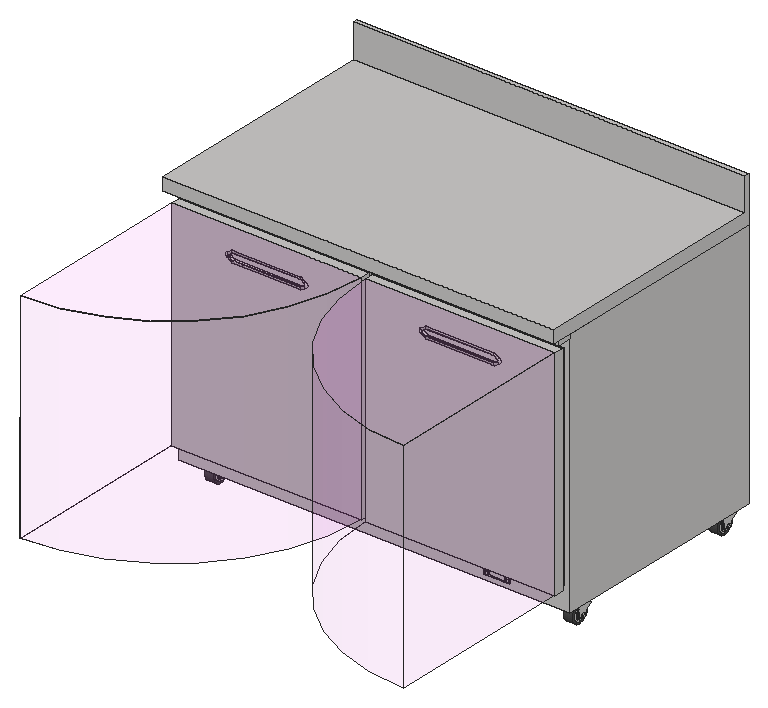
Revit family "QF_Kelvinator_738304_KCHUCWT48F_2-Door_Work_Top_Freezer_48_Long", category Specialty Equipment, Revit 2021
Family settings
  Round Connector Dimension = Use Diameter
  Part Type = Normal
  Work Plane-Based = No
  Always vertical = Yes
  Cut with Voids When Loaded = No
  Shared = No
  Room Calculation Point = No
Parameters
  Weight in Pounds = 224.872
  Watts = 400 W
  Volts = 115 V
  URL Cutsheet = ""
  Specification by User = ""
  Specification by Manufacturer = ""
  Serial Number = ""
  Seismic Rating = ""
  SMACNA No = ""
  Revision Code = ""
  Refrigerant Type = "R290"
  Phase = 1
  Number of Poles = 1
  NAFEM Spec ID Number = ""
  Model = "738304 (KCHUCWT48F)"
  Min Ckt Ampacity = 0 A
  Max Overcurrent Protection = 0 A
  Masterspec = ""
  Manufacturer = "Kelvinator Commercial"
  Length = 48 1/4"
  Item Number = "738304"
  Installed By = ""
  Identify Quantity as Lot = yes
  Height = 39 5/8"
  HP = "1/3"
  Furnished By = ""
  Foodservice Equipment Identifier = yes
  FL Amps = 4 A
  Electrical Remarks = ""
  Electric Connection Type = ""
  Elec Conn RI Height = 0"
  Elec Conn Connection Height = 0"
  Description = "2-Door Work Top Freezer 48\" Long"
  Depth = 29 15/16"
  Default Elevation = 0"
  Cycle = 60 Hz
  Conn Plug = "5-15P"
  Conn Conduit = yes
  CSI MasterFormat = ""
  Apparent Power = 0 VA
Reference planes (in)
  plane 1 "BACK": y = 0
  plane 2: z = 0
  plane 3 "LEFT": x = 0
  plane 4 "RIGHT": x = 48.25
  plane 5 "FRONT": y = -29.9375
  plane 6 "TOP": z = 39.625
  plane 7 "Center Y": x = 24.125
  plane 8 "Center X": y = -14.96875
Dimensions and locks (in)
  equal spacing: plane 3 "LEFT", plane 7 "Center Y", plane 4 "RIGHT"
  "Length": plane 3 "LEFT" to plane 4 "RIGHT"
  equal spacing: plane 5 "FRONT", plane 8 "Center X", plane 1 "BACK"
  "Depth": plane 5 "FRONT" to plane 1 "BACK"
  "Height": plane 6 "TOP" to level
  aligned and locked: level to plane 2
Nested families (in)
  nested 1: "KCHST.0001" at (0, 0, 0), type "KCHST.0001"
    with Show Clearance yes
Connectors (in)
  electrical at (24.125, -0.87772, 2.31881), driven by "Volts", driven by "Watts"
    settings: on nested 1, index 1, voltage 115 V, apparent load 400 VA, apparent load phase1 0 VA, apparent load phase2 0 VA, apparent load phase3 0 VA, power factor 1, load classification "Other", number of poles 1, system type 30, power factor state 1, is connector primary yes, connector utility no, sub classification motor no, connector description ""
Definition of nested family "KCHST.0001"
  Parameters (values of type "KCHST.0001")
    Weight in Pounds = 0
    URL Cutsheet = ""
    Specification by User = ""
    Specification by Manufacturer = ""
    Show Clearance [instance] = yes
    Serial Number = ""
    Seismic Rating = ""
    SMACNA No = ""
    Revision Code = ""
    NAFEM Spec ID Number = ""
    Masterspec = ""
    Length = 48 1/4"
    Item Number = ""
    Installed By = ""
    Identify Quantity as Lot = yes
    Height = 39 5/8"
    Furnished By = ""
    Foodservice Equipment Identifier = yes
    Depth = 29 15/16"
    Default Elevation = 0"
    CSI MasterFormat = ""
  Reference planes (in)
    plane 1 "BACK": y = 0
    plane 2: z = 0
    plane 3 "LEFT": x = 0
    plane 4 "RIGHT": x = 48.25
    plane 5 "FRONT": y = -29.9375
    plane 6 "TOP": z = 39.625
    plane 7 "Center Y": x = 24.125
    plane 8 "Center X": y = -14.96875
    plane 9: z = 3.1
    plane 10: z = 33.9
    plane 11: y = -56
    plane 12: y = -29.2
    plane 13: z = 32.4
    plane 14: z = 5.6
    plane 15: y = -27.5
    plane 16: x = 46.25
    plane 17: x = 2
    plane 18: x = 47.75
    plane 19: x = 0.5
    plane 20: z = 35.5
    plane 21: y = -27.2
    plane 22: x = 23.875
    plane 23: x = 24.375
    plane 24: x = 12.19362
  Forms (in)
    Extrusion 1, solid
      sketch origin (0, 0, 0) x (0, 1, 0) y (0, 0, 1)
        loop
          line (-27.5, 33.9) -> (-27.5, 3.1) -> (0, 3.1) -> (0, 33.9) -> (-27.5, 33.9)
      from 0 to 48.25
    Extrusion 2, solid
      sketch origin (0, 0, 0) x (0, 1, 0) y (0, 0, 1)
        loop
          line (-0.48673, 39.625) -> (-0.48673, 35.5) -> (-29.9375, 35.5) -> (-29.9375, 33.9) -> (0, 33.9) -> (0, 39.625) -> (-0.48673, 39.625)
      from 0 to 48.25
    Extrusion 3, solid
      sketch origin (0, 0, 0) x (0, 1, 0) y (0, 0, 1)
        loop
          line (-29.2, 33.9) -> (-29.2, 33.4) -> (-27.5, 33.4) -> (-27.5, 33.9) -> (-29.2, 33.9)
      from 0 to 48.25
    Extrusion 4, solid
      sketch origin (24.125, 6.90541, 48) x (0, 1, 0) y (0, 0, 1)
        loop
          line (-36.10541, -15.6) -> (-36.10541, -42.4) -> (-34.95211, -42.4) -> (-34.95211, -15.6) -> (-36.10541, -15.6)
      from -0.25 to -23.625
    Extrusion 5, solid
      sketch origin (0, 0, 0) x (0, 1, 0) y (0, 0, 1)
        loop
          line (-28.04671, 32.20449) -> (-28.04671, 5.81322) -> (-27.79671, 5.81322) -> (-27.79671, 32.20449) -> (-28.04671, 32.20449)
      from 0.74536 to 23.64188
    Extrusion 6, solid
      sketch origin (0, 0.25, 0) x (0, 1, 0) y (0, 0, 1)
        loop
          line (-28.04671, 32.20449) -> (-28.04671, 5.81322) -> (-27.864, 5.81322) -> (-27.864, 32.20449) -> (-28.04671, 32.20449)
      from 0.74536 to 23.64188
    Extrusion 7, solid
      sketch origin (0, 0.4327, 0) x (0, 1, 0) y (0, 0, 1)
        loop
          line (-28.04671, 32.20449) -> (-28.04671, 5.81322) -> (-27.9327, 5.81322) -> (-27.9327, 32.20449) -> (-28.04671, 32.20449)
      from 0.74536 to 23.64188
    Extrusion 8, solid
      sketch origin (-4.97957, -27.5, -4.77927) x (-1, 0, 0) y (0, 0, 1)
        loop
          line (-42.67533, 9.70772) -> (-45.82493, 9.70772) -> (-45.82493, 8.52662) -> (-42.67533, 8.52662) -> (-42.67533, 9.70772)
        loop
          line (-42.75407, 9.63107) -> (-43.14777, 9.63107) -> (-43.14777, 9.31193) -> (-42.75407, 9.31193) -> (-42.75407, 9.63107)
        loop
          line (-42.75407, 9.27674) -> (-43.14777, 9.27674) -> (-43.14777, 8.9576) -> (-42.75407, 8.9576) -> (-42.75407, 9.27674)
        loop
          line (-42.75407, 8.92241) -> (-43.14777, 8.92241) -> (-43.14777, 8.60327) -> (-42.75407, 8.60327) -> (-42.75407, 8.92241)
        loop
          line (-45.74619, 9.63107) -> (-45.74619, 9.31193) -> (-45.35249, 9.31193) -> (-45.35249, 9.63107) -> (-45.74619, 9.63107)
        loop
          line (-45.74619, 9.27674) -> (-45.74619, 8.9576) -> (-45.35249, 8.9576) -> (-45.35249, 9.27674) -> (-45.74619, 9.27674)
        loop
          line (-45.74619, 8.92241) -> (-45.74619, 8.60327) -> (-45.35249, 8.60327) -> (-45.35249, 8.92241) -> (-45.74619, 8.92241)
        loop
          line (-43.22525, 9.63107) -> (-45.27501, 9.63107) -> (-45.27501, 8.60716) -> (-43.22525, 8.60716) -> (-43.22525, 9.63107)
      from 0.07874 to -0.04602
    Extrusion 9, solid
      sketch origin (-4.97957, -27.54602, -4.77927) x (1, 0, 0) y (0, 0, 1)
        loop
          line (45.35249, 9.63107) -> (45.35249, 9.31193) -> (45.74619, 9.31193) -> (45.74619, 9.63107) -> (45.35249, 9.63107)
        loop
          line (45.35249, 9.27674) -> (45.35249, 8.9576) -> (45.74619, 8.9576) -> (45.74619, 9.27674) -> (45.35249, 9.27674)
        loop
          line (45.35249, 8.92241) -> (45.35249, 8.60327) -> (45.74619, 8.60327) -> (45.74619, 8.92241) -> (45.35249, 8.92241)
        loop
          line (43.14777, 9.63107) -> (42.75407, 9.63107) -> (42.75407, 9.31193) -> (43.14777, 9.31193) -> (43.14777, 9.63107)
        loop
          line (43.14777, 9.27674) -> (42.75407, 9.27674) -> (42.75407, 8.9576) -> (43.14777, 8.9576) -> (43.14777, 9.27674)
        loop
          line (43.14777, 8.92241) -> (42.75407, 8.92241) -> (42.75407, 8.60327) -> (43.14777, 8.60327) -> (43.14777, 8.92241)
      from 0 to -0.07874
    Extrusion 10, solid
      sketch origin (-4.97957, -27.54602, -4.77927) x (1, 0, 0) y (0, 0, 1)
        loop
          line (43.22525, 9.63107) -> (43.22525, 8.60716) -> (45.27501, 8.60716) -> (45.27501, 9.63107) -> (43.22525, 9.63107)
      from 0 to -0.07874
    Extrusion 11, void
      sketch origin (-4.97957, -27.5, -4.77927) x (-1, 0, 0) y (0, 0, 1)
        loop
          line (-42.67533, 9.70772) -> (-45.82493, 9.70772) -> (-45.82493, 8.52662) -> (-42.67533, 8.52662) -> (-42.67533, 9.70772)
      from 0 to 0.07874
    Extrusion 12, void
      sketch origin (-37.39706, -29.19996, 31.5181) x (0, 0, 1) y (1, 0, 0)
        loop
          line (-1.94791, 45.41568) -> (-1.94791, 53.76568) -> (-2.28604, 54.30668)
          arc (-2.28604, 54.30668) -> (-2.38541, 54.36176) -> (-2.48479, 54.30668) r 0.11719
          line (-2.48479, 54.30668) -> (-2.82291, 53.76568) -> (-2.82291, 45.41568) -> (-2.48621, 44.87696)
          arc (-2.48621, 44.87696) -> (-2.38541, 44.82109) -> (-2.28462, 44.87696) r 0.11887
          line (-2.28462, 44.87696) -> (-1.94791, 45.41568)
      from 0 to 0.31887
    Sweep 13, solid
      path origin (-37.39706, -26.39996, 31.5181) x (0, 0, -1) y (1, 0, 0)
        loop
          line (2.82291, 53.76568) -> (2.48479, 54.30668)
          arc (2.48479, 54.30668) -> (2.38541, 54.36176) -> (2.28604, 54.30668) r 0.11719
          line (2.28604, 54.30668) -> (1.94791, 53.76568) -> (1.94791, 45.41568) -> (2.28462, 44.87696)
          arc (2.28462, 44.87696) -> (2.38541, 44.82109) -> (2.48621, 44.87696) r 0.11887
          line (2.48621, 44.87696) -> (2.82291, 45.41568) -> (2.82291, 53.76568)
      profile origin (12.19362, -26.39996, 28.69519) x (0, 0, -1) y (0, -1, 0)
        loop
          line (0, 2.8) -> (0.25, 2.8)
          arc (0.25, 2.8) -> (0.125, 2.85269) -> (0, 2.8) r 0.17461
    Extrusion 14, solid
      sketch origin (-9.65625, -3.56521, 3.1) x (-1, 0, 0) y (0, 1, 0)
        loop
          circle (-33.78125, 2.68749) r 0.25
      from 0 to 0.78119
    Extrusion 15, solid
      sketch origin (24.125, 6.90541, 48) x (0, 1, 0) y (0, 0, -1)
        loop
          line (-36.10541, 15.6) -> (-34.95211, 15.6) -> (-34.95211, 42.4) -> (-36.10541, 42.4) -> (-36.10541, 15.6)
      from -0.25 to -23.625
    Extrusion 16, solid
      sketch origin (48.25, 0, 0) x (0, 1, 0) y (0, 0, -1)
        loop
          line (-28.04671, -32.20449) -> (-27.79671, -32.20449) -> (-27.79671, -5.81322) -> (-28.04671, -5.81322) -> (-28.04671, -32.20449)
      from 0.74536 to 23.64188
    Extrusion 17, solid
      sketch origin (48.25, 0.25, 0) x (0, 1, 0) y (0, 0, -1)
        loop
          line (-28.04671, -32.20449) -> (-27.864, -32.20449) -> (-27.864, -5.81322) -> (-28.04671, -5.81322) -> (-28.04671, -32.20449)
      from 0.74536 to 23.64188
    Extrusion 18, solid
      sketch origin (48.25, 0.4327, 0) x (0, 1, 0) y (0, 0, -1)
        loop
          line (-28.04671, -32.20449) -> (-27.9327, -32.20449) -> (-27.9327, -5.81322) -> (-28.04671, -5.81322) -> (-28.04671, -32.20449)
      from 0.74536 to 23.64188
    Extrusion 19, void
      sketch origin (85.64706, -29.19996, 31.5181) x (0, 0, 1) y (1, 0, 0)
        loop
          line (-1.94791, -45.41568) -> (-2.28462, -44.87696)
          arc (-2.28462, -44.87696) -> (-2.38541, -44.82109) -> (-2.48621, -44.87696) r 0.11887
          line (-2.48621, -44.87696) -> (-2.82291, -45.41568) -> (-2.82291, -53.76568) -> (-2.48479, -54.30668)
          arc (-2.48479, -54.30668) -> (-2.38541, -54.36176) -> (-2.28604, -54.30668) r 0.11719
          line (-2.28604, -54.30668) -> (-1.94791, -53.76568) -> (-1.94791, -45.41568)
      from 0 to 0.31887
    Sweep 20, solid
      path origin (85.64706, -26.39996, 31.5181) x (0, 0, -1) y (1, 0, 0)
        loop
          line (2.82291, -53.76568) -> (2.82291, -45.41568) -> (2.48621, -44.87696)
          arc (2.48621, -44.87696) -> (2.38541, -44.82109) -> (2.28462, -44.87696) r 0.11887
          line (2.28462, -44.87696) -> (1.94791, -45.41568) -> (1.94791, -53.76568) -> (2.28604, -54.30668)
          arc (2.28604, -54.30668) -> (2.38541, -54.36176) -> (2.48479, -54.30668) r 0.11719
          line (2.48479, -54.30668) -> (2.82291, -53.76568)
      profile origin (36.05638, -26.39996, 28.69519) x (0, 0, 1) y (0, -1, 0)
        loop
          arc (0, 2.8) -> (-0.125, 2.85269) -> (-0.25, 2.8) r 0.17461
          line (-0.25, 2.8) -> (0, 2.8)
    Extrusion 21, solid, visible <- "Show Clearance"
      sketch origin (0, 9.61225, 5.6) x (1, 0, 0) y (0, -1, 0)
        loop
          arc (23.875, 38.81225) -> (17.02862, 55.34087) -> (0.5, 62.18725) r 23.375
          line (0.5, 62.18725) -> (0.5, 38.81225) -> (23.875, 38.81225)
      from 0 to -26.8
    Extrusion 22, solid, visible <- "Show Clearance"
      sketch origin (48.25, 9.61225, 5.6) x (1, 0, 0) y (0, -1, 0)
        loop
          line (-23.875, 38.81225) -> (-0.5, 38.81225) -> (-0.5, 62.18725)
          arc (-0.5, 62.18725) -> (-17.02862, 55.34087) -> (-23.875, 38.81225) r 23.375
      from 0 to -26.8
  Cuts and joins
    Extrusion 11 cuts Extrusion 8
    Extrusion 12, Extrusion 19 cuts Extrusion 4
    Extrusion 19 cuts Extrusion 15
  Lines and regions (in)
    symbolic lines
      curve 1: line (48.25, -29.9375, 0) -> (48.25, 0, 0)
      curve 2: line (48.25, 0, 0) -> (0, 0, 0)
      curve 3: line (0, 0, 0) -> (0, -29.9375, 0)
      curve 4: line (0, -29.9375, 0) -> (48.25, -29.9375, 0)
      curve 5: line (0, -0.48673, 0) -> (48.25, -0.48673, 0)
    symbolic lines, visible <- "Show Clearance"
      curve 6: arc (23.86336, -29.9375, 0) -> (22.89064, -35.91193, 0) -> (20.41644, -41.43626, 0) r 23.375
      curve 7: arc (27.83356, -41.43626, 0) -> (25.35936, -35.91193, 0) -> (24.38664, -29.9375, 0) r 23.375
      curve 8: line (0.5, -29.9375, 0) -> (20.41644, -41.43626, 0)
      curve 9: line (47.75, -29.9375, 0) -> (27.83356, -41.43626, 0)
  Dimensions and locks (in)
    equal spacing: plane 3 "LEFT", plane 7 "Center Y", plane 4 "RIGHT"
    "Length": plane 3 "LEFT" to plane 4 "RIGHT"
    equal spacing: plane 5 "FRONT", plane 8 "Center X", plane 1 "BACK"
    "Depth": plane 5 "FRONT" to plane 1 "BACK"
    "Height": plane 6 "TOP" to level
    level to plane 9 = 3.1"
    plane 10 to plane 9 = 30.8"
    plane 11 to plane 1 "BACK" = 56"
    plane 14 to plane 13 = 26.8"
    locked: plane 4 "RIGHT" to plane 16 at 2
    locked: plane 3 "LEFT" to plane 17 at 2
    locked: plane 19 to plane 3 "LEFT" at 0.5
    locked: plane 18 to plane 4 "RIGHT" at 0.5
    plane 3 "LEFT" to plane 4 "RIGHT" = 48 1/4"
    plane 20 to level = 35 1/2"
    plane 6 "TOP" to plane 20 = 4 1/8"
    plane 5 "FRONT" to plane 1 "BACK" = 29 15/16"
    plane 21 to plane 1 "BACK" = 27.2"
    plane 9 to plane 20 = 32.4"
    aligned and locked: level to plane 2
    aligned and locked: plane 16 to nested 1
    aligned and locked: nested 2 to plane 17
    aligned and locked: Extrusion 1 to plane 4 "RIGHT"
    aligned and locked: plane 4 "RIGHT" to Extrusion 1
    aligned and locked: Extrusion 3 to plane 4 "RIGHT"
    aligned and locked: Extrusion 2 to plane 4 "RIGHT"
    aligned and locked: cut or joined group of Extrusion 4, Extrusion 12, Extrusion 19 to plane 19
    aligned and locked: plane 16 to nested 3
    aligned and locked: Extrusion 6 to Extrusion 5
    aligned and locked: Extrusion 7 to Extrusion 5
    aligned and locked: Extrusion 17 to Extrusion 16
    aligned and locked: Extrusion 18 to Extrusion 16
  Automatic sketch dimensions
    plane 9 to Extrusion 1 sketch curve = 0"
    Extrusion 1 sketch curve to plane 15 = 0"
    Extrusion 1 sketch curve to plane 1 "BACK" = 0"
    Extrusion 1 sketch curve to plane 10 = 0"
    Extrusion 2 sketch curve to plane 5 "FRONT" = 0"
    Extrusion 2 sketch curve to plane 20 = 0"
    Extrusion 2 sketch curve to plane 6 "TOP" = 0"
    Extrusion 2 sketch curve to plane 1 "BACK" = 0"
    Extrusion 2 sketch curve to plane 10 = 0"
    plane 1 "BACK" to Extrusion 2 sketch curve = 0.48673"
    Extrusion 3 sketch curve to plane 10 = 0"
    Extrusion 3 sketch curve to plane 12 = 0"
    Extrusion 3 sketch curve to plane 15 = 0"
    Extrusion 3 sketch curve to Extrusion 3 sketch curve = 1/2"
    Extrusion 4 sketch curve to plane 12 = 0"
    plane 14 to Extrusion 4 sketch curve = 0"
    plane 13 to Extrusion 4 sketch curve = 0"
    Extrusion 4 sketch curve to plane 15 = 0.54671"
    Extrusion 5 sketch curve to plane 14 = 0.21322"
    Extrusion 5 sketch curve to plane 15 = 0.54671"
    Extrusion 5 sketch curve to Extrusion 5 sketch curve = 1/4"
    plane 13 to Extrusion 5 sketch curve = 0.19551"
    Extrusion 6 sketch curve to plane 15 = 0.29671"
    Extrusion 6 sketch curve to plane 15 = 0.114"
    Extrusion 6 sketch curve to plane 14 = 0.21322"
    plane 13 to Extrusion 6 sketch curve = 0.19551"
    Extrusion 7 sketch curve to plane 15 = 0"
    Extrusion 7 sketch curve to Extrusion 7 sketch curve = 0.114"
    Extrusion 7 sketch curve to plane 14 = 0.21322"
    plane 13 to Extrusion 7 sketch curve = 0.19551"
    plane 14 to Extrusion 8 sketch curve = 0.67154"
    Extrusion 8 sketch curve to plane 16 = 5.40464"
    Extrusion 8 sketch curve to Extrusion 8 sketch curve = 0.07874"  (x3)
    Extrusion 8 sketch curve to Extrusion 8 sketch curve = 0"  (x7)
    Extrusion 8 sketch curve to Extrusion 8 sketch curve = 0.3937"  (x2)
    Extrusion 8 sketch curve to Extrusion 8 sketch curve = 0.07748"  (x3)
    Extrusion 8 sketch curve to plane 9 = 0.72789"
    Extrusion 8 sketch curve to Extrusion 8 sketch curve = 2.04976"
    Extrusion 8 sketch curve to Extrusion 8 sketch curve = 1/256"  (x2)
    Extrusion 8 sketch curve to Extrusion 8 sketch curve = 0.07665"  (x3)
    Extrusion 8 sketch curve to Extrusion 8 sketch curve = 0.31914"  (x4)
    Extrusion 8 sketch curve to Extrusion 8 sketch curve = 0.03519"  (x4)
    Extrusion 8 to Extrusion 9 sketch curve = 0"  (x10)
    Extrusion 9 sketch curve to Extrusion 8 = 0"  (x14)
    Extrusion 10 sketch curve to Extrusion 8 = 0"  (x3)
    Extrusion 8 to Extrusion 10 sketch curve = 0"
    plane 14 to Extrusion 11 sketch curve = 0.67154"
    Extrusion 11 sketch curve to plane 16 = 5.40464"
    Extrusion 11 sketch curve to plane 9 = 0.64735"
    Extrusion 11 sketch curve to Extrusion 11 sketch curve = 3.14961"
    plane 13 to Extrusion 12 sketch curve = 3.70481"
    Extrusion 12 sketch curve to Extrusion 12 sketch curve = 0.3367"
    Extrusion 12 sketch curve to Extrusion 12 sketch curve = 0.33813"  (x2)
    Extrusion 12 sketch curve to Extrusion 12 sketch curve = 0.09937"  (x2)
    Extrusion 12 sketch curve to Extrusion 12 sketch curve = 0.1008"  (x2)
    Extrusion 12 sketch curve to plane 24 = 4.71372"
    Extrusion 12 sketch curve to Extrusion 12 sketch curve = 0.063"
    Extrusion 12 sketch curve to Extrusion 12 sketch curve = 0.53872"  (x2)
    plane 24 to Extrusion 12 sketch curve = 4.175"
    Extrusion 12 sketch curve to Extrusion 12 sketch curve = 0"
    Extrusion 12 sketch curve to Extrusion 12 sketch curve = 0.47889"
    Extrusion 12 sketch curve to Extrusion 12 sketch curve = 0.06211"
    plane 13 to Sweep 13 sketch curve = 2.82981"
    Sweep 13 sketch curve to Sweep 13 sketch curve = 0.3367"
    Sweep 13 sketch curve to Sweep 13 sketch curve = 0.33813"  (x2)
    Sweep 13 sketch curve to Sweep 13 sketch curve = 0.09937"  (x2)
    Sweep 13 sketch curve to Sweep 13 sketch curve = 0.1008"  (x2)
    Sweep 13 sketch curve to plane 24 = 4.71372"
    Sweep 13 sketch curve to Sweep 13 sketch curve = 0.063"
    Sweep 13 sketch curve to Sweep 13 sketch curve = 0.53872"  (x2)
    plane 24 to Sweep 13 sketch curve = 4.175"
    Sweep 13 sketch curve to Sweep 13 sketch curve = 0"
    Sweep 13 sketch curve to Sweep 13 sketch curve = 0.47889"
    Sweep 13 sketch curve to Sweep 13 sketch curve = 0.06211"
    Sweep 13 sketch curve to profile plane = 0"
    Sweep 13 sketch curve to profile plane = 1/8"
    profile plane to Sweep 13 sketch curve = 2.67809"
    Sweep 13 sketch curve to Sweep 13 sketch curve = 0.12191"
    Extrusion 1 to Extrusion 14 sketch curve = 0.87772"
    Extrusion 14 sketch curve to Extrusion 1 = 24 1/8"
    Extrusion 15 sketch curve to plane 12 = 0"
    plane 14 to Extrusion 15 sketch curve = 0"
    plane 13 to Extrusion 15 sketch curve = 0"
    Extrusion 15 sketch curve to plane 15 = 0.54671"
    Extrusion 16 sketch curve to plane 14 = 0.21322"
    Extrusion 16 sketch curve to plane 15 = 0.54671"
    Extrusion 16 sketch curve to Extrusion 16 sketch curve = 1/4"
    plane 13 to Extrusion 16 sketch curve = 0.19551"
    Extrusion 17 sketch curve to plane 15 = 0.29671"
    Extrusion 17 sketch curve to plane 15 = 0.114"
    plane 13 to Extrusion 17 sketch curve = 0.19551"
    Extrusion 17 sketch curve to plane 14 = 0.21322"
    Extrusion 18 sketch curve to plane 15 = 0"
    Extrusion 18 sketch curve to Extrusion 18 sketch curve = 0.114"
    plane 13 to Extrusion 18 sketch curve = 0.19551"
    Extrusion 18 sketch curve to plane 14 = 0.21322"
    plane 13 to Extrusion 19 sketch curve = 3.70481"
    Extrusion 19 sketch curve to Extrusion 19 sketch curve = 0.3367"
    Extrusion 19 sketch curve to Extrusion 19 sketch curve = 0.33813"  (x2)
    Extrusion 19 sketch curve to Extrusion 19 sketch curve = 0.09937"  (x2)
    Extrusion 19 sketch curve to Extrusion 19 sketch curve = 0.1008"  (x2)
    Extrusion 19 sketch curve to plane 23 = 6.96538"
    Extrusion 19 sketch curve to Extrusion 19 sketch curve = 0.06211"
    Extrusion 19 sketch curve to Extrusion 19 sketch curve = 0.541"  (x2)
    Extrusion 19 sketch curve to plane 16 = 6.01862"
    Extrusion 19 sketch curve to Extrusion 19 sketch curve = 0"
    Extrusion 19 sketch curve to Extrusion 19 sketch curve = 0.47572"
    Extrusion 19 sketch curve to Extrusion 19 sketch curve = 0.063"
    plane 13 to Sweep 20 sketch curve = 2.82981"
    Sweep 20 sketch curve to Sweep 20 sketch curve = 0.3367"
    Sweep 20 sketch curve to Sweep 20 sketch curve = 0.33813"  (x2)
    Sweep 20 sketch curve to Sweep 20 sketch curve = 0.09937"  (x2)
    Sweep 20 sketch curve to Sweep 20 sketch curve = 0.1008"  (x2)
    Sweep 20 sketch curve to plane 23 = 6.96538"
    Sweep 20 sketch curve to Sweep 20 sketch curve = 0.06211"
    Sweep 20 sketch curve to Sweep 20 sketch curve = 0.541"  (x2)
    Sweep 20 sketch curve to plane 16 = 6.01862"
    Sweep 20 sketch curve to Sweep 20 sketch curve = 0"
    Sweep 20 sketch curve to Sweep 20 sketch curve = 0.47572"
    Sweep 20 sketch curve to Sweep 20 sketch curve = 0.063"
    profile plane to Sweep 20 sketch curve = 0"
    profile plane to Sweep 20 sketch curve = 1/8"
    profile plane to Sweep 20 sketch curve = 2.67809"
    Sweep 20 sketch curve to Sweep 20 sketch curve = 0.12191"
    Extrusion 21 sketch curve to plane 19 = 0"
    Extrusion 21 sketch curve to plane 12 = 0"
    Extrusion 21 sketch curve to plane 22 = 0"
    Extrusion 22 sketch curve to plane 12 = 0"
    Extrusion 22 sketch curve to plane 23 = 0"
    Extrusion 22 sketch curve to plane 18 = 0"
    curve 5 to plane 3 "LEFT" = 0"
    plane 5 "FRONT" to curve 8 = 0"
    curve 8 to plane 19 = 0"
    curve 6 to plane 12 = 0"
    curve 6 to plane 19 = 0"
    curve 7 to plane 12 = 0"
    curve 7 to plane 18 = 0"
    curve 9 to plane 18 = 0"
    plane 1 "BACK" to curve 2 = 0"
    curve 2 to plane 4 "RIGHT" = 0"
    curve 8 to plane 22 = 3.45856"
    curve 7 to plane 23 = 0.01164"
    curve 9 to plane 23 = 3.45856"
    curve 6 to curve 9 = 0"
    plane 1 "BACK" to curve 5 = 0.48673"
    radius of Extrusion 14 sketch curve = 1/4"
  Nested families (in)
    nested 1: "3 INCHES 01_CASTER" at (46.25, -24.75, 0), type "3 INCHES 01_CASTER"
      with Type Mark "", Specification by User "", Revision Code "", Item Number "", Installed By "", Identify Quantity as Lot yes, Furnished By "", Foodservice Equipment Identifier yes, 3 Inches Caster yes
    nested 2: "3 INCHES 01_CASTER" at (2, -24.75, 0), type "3 INCHES 01_CASTER"
      with Type Mark "", Specification by User "", Revision Code "", Item Number "", Installed By "", Identify Quantity as Lot yes, Furnished By "", Foodservice Equipment Identifier yes, 3 Inches Caster yes
    nested 3: "3 INCHES 01_CASTER" at (46.25, -2.375, 0), type "3 INCHES 01_CASTER"
      with Type Mark "", Specification by User "", Revision Code "", Item Number "", Installed By "", Identify Quantity as Lot yes, Furnished By "", Foodservice Equipment Identifier yes, 3 Inches Caster yes
    nested 4: "3 INCHES 01_CASTER" at (2, -2.375, 0), type "3 INCHES 01_CASTER"
      with Type Mark "", Specification by User "", Revision Code "", Item Number "", Installed By "", Identify Quantity as Lot yes, Furnished By "", Foodservice Equipment Identifier yes, 3 Inches Caster yes
  Definition of nested family "3 INCHES 01_CASTER"
    Parameters (values of type "3 INCHES 01_CASTER")
      Weight = ""
      URL Manufacturer = ""
      URL Cutsheet = ""
      URL = ""
      Type Mark [instance] = ""
      Specification by User [instance] = ""
      Specification by Manufacturer = ""
      Serial Number = ""
      Seismic Rating = ""
      SMACNA No = ""
      Revision Code [instance] = ""
      Omniclass Number and Title = ""
      NAFEM Spec ID Number = ""
      Model = ""
      MasterSpec. = ""
      Manufacturer = ""
      Item Number [instance] = ""
      Installed By [instance] = ""
      Identify Quantity as Lot [instance] = yes
      Furnished By [instance] = ""
      Foodservice Equipment Identifier [instance] = yes
      Description = ""
      Default Elevation = 0"
      CSI MasterFormat = ""
      CSI Master Format = ""
      Assembly Code = ""
      3 Inches Caster [instance] = yes
    Reference planes (in)
      plane 1: z = 0
      plane 2 "RIGHT": x = 0
      plane 3 "FRONT": y = 0
      plane 4 "TOP": z = 3.1
    Forms (in)
      Revolve 1, solid, visible <- "3 Inches Caster"
        sketch origin (-1.93794, 0.56004, -1.0041) x (1, 0, 0) y (0, 0, 1)
          loop
            line (0.74055, 2.11347) -> (0.74055, 2.03797) -> (0.79055, 1.98797) -> (0.85055, 1.98797) -> (0.85055, 1.8679) -> (1.235, 1.8679) -> (1.235, 1.7068) -> (1.36441, 1.63209) -> (1.4003, 1.41035) -> (1.34375, 1.41035) -> (1.34375, 1.28535) -> (1.375, 1.28535) -> (1.375, 1.0041) -> (2.48438, 1.0041) -> (2.48438, 1.28535) -> (2.51563, 1.28535) -> (2.51563, 1.41035) -> (2.45908, 1.41035) -> (2.49553, 1.6356) -> (2.62438, 1.70999) -> (2.62438, 1.8679) -> (3.04007, 1.8679) -> (3.04007, 1.98797) -> (3.10007, 1.98797) -> (3.15007, 2.03797) -> (3.15007, 2.11347) -> (0.74055, 2.11347)
          axis (0.74055, 2.11347) -> (3.15007, 2.11347)
        angle from 0 to 360
      Extrusion 2, solid, visible <- "3 Inches Caster"
        sketch origin (-1.93794, 1.35294, -3.2541) x (0, 1, 0) y (0, 0, 1)
          loop
            line (-0.41094, 5.86793) -> (-0.41094, 6.01276) -> (-2.29494, 6.01276) -> (-2.29494, 5.71244) -> (-1.82301, 5.71244)
            arc (-1.82301, 5.71244) -> (-1.00307, 5.59865) -> (-0.19592, 5.41488) r 9.6332
            arc (-0.19592, 5.41488) -> (0.12646, 5.29481) -> (0.42224, 5.11916) r 1.92059
            line (0.42224, 5.11916) -> (0.51314, 5.245)
            arc (0.51314, 5.245) -> (0.27353, 5.42569) -> (0.01201, 5.5729) r 2.25036
            line (0.01201, 5.5729) -> (0.09371, 5.71426)
            arc (0.09371, 5.71426) -> (-0.15272, 5.81043) -> (-0.41094, 5.86793) r 1.73151
        from 1.17357 to 2.70231
      Revolve 3, solid, visible <- "3 Inches Caster"
        sketch origin (0, 1.73858, -3.25) x (0, 1, 0) y (0, 0, 1)
          loop
            line (-1.73858, 6.35) -> (-1.73858, 6.00866) -> (-0.93293, 6.00866) -> (-0.93293, 6.35) -> (-1.73858, 6.35)
          axis (-1.73858, 6.00866) -> (-1.73858, 6.35)
        angle from 0 to 360
      Extrusion 4, solid, visible <- "3 Inches Caster"
        sketch origin (-1.98481, 1.35294, -1.7541) x (0, 1, 0) y (0, 0, 1)
          loop
            line (-2.29494, 4.51276) -> (-2.29494, 4.21244) -> (-2.2074, 4.21244)
            arc (-2.2074, 4.21244) -> (-1.58796, 3.87196) -> (-1.3103, 3.22193) r 1.0835
            arc (-1.3103, 3.22193) -> (-1.27304, 2.98711) -> (-1.19616, 2.76214) r 1.38462
            arc (-1.19616, 2.76214) -> (-0.77704, 2.49744) -> (-0.37393, 2.78593) r 0.44401
            arc (-0.37393, 2.78593) -> (-0.35491, 2.84407) -> (-0.34077, 2.90358) r 0.74034
            arc (-0.34077, 2.90358) -> (-0.07302, 3.38916) -> (0.4279, 3.62699) r 0.90376
            line (0.4279, 3.62699) -> (0.51314, 3.745)
            arc (0.51314, 3.745) -> (0.27353, 3.92569) -> (0.01201, 4.0729) r 2.25036
            line (0.01201, 4.0729) -> (0.09371, 4.21426)
            arc (0.09371, 4.21426) -> (-0.15272, 4.31043) -> (-0.41094, 4.36793) r 1.73151
            line (-0.41094, 4.36793) -> (-0.41094, 4.51276) -> (-2.29494, 4.51276)
        from 2.74918 to 2.90825
      Extrusion 5, solid, visible <- "3 Inches Caster"
        sketch origin (1.98481, 1.35294, -1.7541) x (0, 1, 0) y (0, 0, -1)
          loop
            line (-2.29494, -4.51276) -> (-0.41094, -4.51276) -> (-0.41094, -4.36793)
            arc (-0.41094, -4.36793) -> (-0.15272, -4.31043) -> (0.09371, -4.21426) r 1.73151
            line (0.09371, -4.21426) -> (0.01201, -4.0729)
            arc (0.01201, -4.0729) -> (0.27353, -3.92569) -> (0.51314, -3.745) r 2.25036
            line (0.51314, -3.745) -> (0.4279, -3.62699)
            arc (0.4279, -3.62699) -> (-0.07302, -3.38916) -> (-0.34077, -2.90358) r 0.90376
            arc (-0.34077, -2.90358) -> (-0.35491, -2.84407) -> (-0.37393, -2.78593) r 0.74034
            arc (-0.37393, -2.78593) -> (-0.77704, -2.49744) -> (-1.19616, -2.76214) r 0.44401
            arc (-1.19616, -2.76214) -> (-1.27304, -2.98711) -> (-1.3103, -3.22193) r 1.38462
            arc (-1.3103, -3.22193) -> (-1.58796, -3.87196) -> (-2.2074, -4.21244) r 1.0835
            line (-2.2074, -4.21244) -> (-2.29494, -4.21244) -> (-2.29494, -4.51276)
        from 2.74918 to 2.90825
    Cuts and joins
      joined: Extrusion 2, Extrusion 4, Extrusion 5
    Lines and regions (in)
      symbolic lines, visible <- "3 Inches Caster"
        curve 1: line (0.1877, 1.65194, 0) -> (0.89063, 1.2461, 0)
        curve 2: line (-1.00175, -0.40823, 0) -> (0.1877, 1.65194, 0)
        curve 3: line (-0.29881, -0.81407, 0) -> (-1.00175, -0.40823, 0)
        curve 4: line (0.89063, 1.2461, 0) -> (-0.29881, -0.81407, 0)
    Dimensions and locks (in)
      plane 4 "TOP" to level = 3.1"  (x2)
      aligned and locked: level to plane 1
